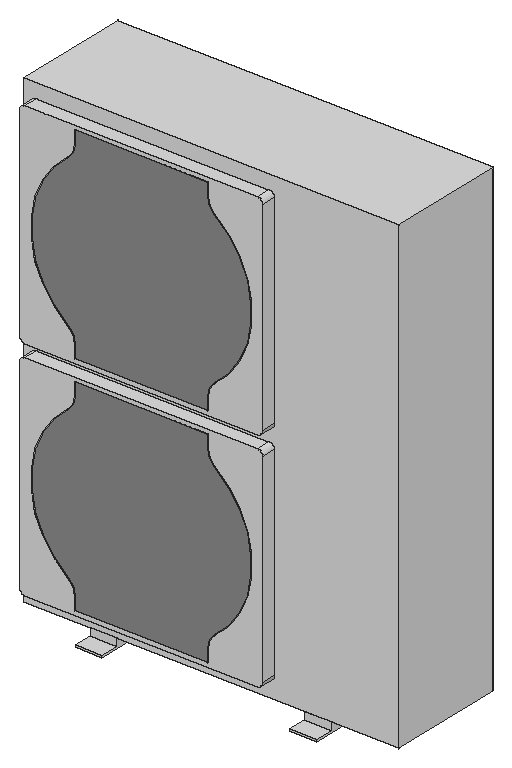
Revit family "BAXI_PLATINUM BC_SPLIT_iMax_22_(UE)", category Equipos mecánicos, Revit 2019
Family settings
  Cota de conector redondo = Diámetro de uso
  Tipo de pieza = Normal
  Número OmniClass = 23.75.10.21
  Título OmniClass = Heat Pumps
  Se basa en plano de trabajo = No
  Siempre vertical = Sí
  Corte con vacíos al cargar = No
  Compartido = No
  Punto de cálculo de habitación = No
Parameters
  Tipo refrigerante = "R410A"
  Tipo compresor = "Inverter hermetic scroll"
  Tipo Ventilador = "Propeller Fan"
  Tipo Articulo = "PLATINUM BC iMAX 22 (UE)"
  Profundidad = 330.000 mm  # constant formula
  Potencia electrica absorbida (kW) = 5.48
  Potencia calorifica (kW) = 21.7
  Potencia acústica dB(A) = 77
  Peso (kg) = 135
  Intensidad máxima (A) = 19
  Descrpición Articulo = "PLATINUM BC iMAX 22 (UE)"  # constant formula
  Caudal de agua (m3/h) = 3.8
  Caudal de Aire (m3/min) = 140
  Cantidad ventilador = 2
  Cantidad compresores = 1
  Blanco = Color RGB 216-216-216
  Voltage = 400 V
  URL PRODUCT = "https://www.baxi.es/productos/bombas-calor/bibloc/platinum-bc-imax"
  Distancia superior Valor [instance] = if(Distancia superior > 300.000 mm, Distancia superior, 300.000 mm)  # 300.000 mm
  Distancia superior [instance] = 300.000 mm
  Espacio mantenimiento [instance] = no
  Distancia lateral Der. Valor [instance] = if(Distancia lateral Der. > 50.000 mm, Distancia lateral Der., 50.000 mm)  # 500.000 mm
  Distancia lateral Der. [instance] = 500.000 mm
  Revit Version = "2016"  # constant formula
  Diametro líquido refrigerante = 12.700 mm
  Diametro gas refrigerante = 19.000 mm
  Rojo = Color RGB 255-000-000
  Modelo = "PLATINUM BC iMAX 22 (UE)"
  URL = "https://www.baxi.es"
  Phase = 3
  Fabricante = "BAXI"  # constant formula
  Distancia lateral Izq. Valor [instance] = if(Distancia lateral Izq. > 1500.000 mm, Distancia lateral Izq., 1500.000 mm)  # 1500.000 mm
  Distancia lateral Izq. [instance] = 1500.000 mm
  IFCExportType = "NOTDEFINED"  # constant formula
  IFCExportAs = "IfcPumpType"  # constant formula
  Hz = 50 Hz
  Heating COP (kW/kW) = 3.96
  Gris = Color RGB 100-100-100
  Distancia delantera Valor [instance] = if(Distancia delantera > 500.000 mm, Distancia delantera, 500.000 mm)  # 1000.000 mm
  Distancia delantera [instance] = 1000.000 mm
  Drenaje = 32.000 mm
  Descripción = "Platinum BC iMax"  # constant formula
  Gris Oscuro = Color RGB 110-110-110
  Código de montaje = "7665104"
  Distancia trasera Valor [instance] = if(Distancia trasera > 150.000 mm, Distancia trasera, 150.000 mm)  # 150.000 mm
  Distancia trasera [instance] = 150.000 mm
  Anchura = 1050.000 mm  # constant formula
  Altura = 1338.000 mm  # constant formula
Reference planes
  plane 1 "Center (Front/Back)": y = 0
  plane 2: z = 0
  plane 3 "Center (Left/Right)": x = 0
  plane 4: y = 165
  plane 5: y = -125
  plane 6: y = -165
  plane 7: y = -109
  plane 8: y = 315
  plane 9: y = 150
  plane 10: y = 122
  plane 11: z = 442
  plane 12: z = 450
  plane 13: y = 54
  plane 14: y = 135
  plane 15: z = 369
  plane 16: z = 1001
  plane 17: z = 26
  plane 18: z = 23
  plane 19: z = 1338
  plane 20: z = 1326
  plane 21: x = -525
  plane 22: x = 525
  plane 23: x = -163
  plane 24: x = 483
  plane 25: x = 422
  plane 26: y = -205
  plane 27: z = 15
  plane 28: z = 229.027
  plane 29: y = 25
  plane 30: z = 985
  plane 31: z = 985
Forms (mm)
  Extrusion 1, solid, not visible
    sketch origin (0, 0, 0) x (1, 0, 0) y (0, 1, 0)
      loop
        line (-475, 165) -> (-475, -165) -> (575, -165) -> (575, 165) -> (-475, 165)
    from 26 to 1338
  Extrusion 2, void, not visible
    sketch origin (-475, 165, 0) x (-1, 0, 0) y (0, 0, -1)
      loop
        line (-750, -45) -> (-750, -1300) -> (-62, -1300) -> (-62, -45) -> (-750, -45)
    from 0 to 20
  Extrusion 3, solid, material "Copper", not visible
    sketch origin (100, -3.964, 0) x (1, 0, 0) y (0, 1, 0)
      loop
        circle (377, -128) r 4.76
    from 510 to 550
  Extrusion 4, solid, material "Copper", not visible
    sketch origin (100, 0, 0) x (1, 0, 0) y (0, 1, 0)
      loop
        circle (433, -109) r 7.94
    from 426 to 603
  Extrusion 5, solid, not visible
    sketch origin (445.487, -165, 0) x (-1, 0, 0) y (0, 0, -1)
      loop
        line (858.487, -1301) -> (858.487, -701) -> (258.487, -701) -> (258.487, -1301) -> (858.487, -1301)
      loop
        line (858.487, -669) -> (858.487, -69) -> (258.487, -69) -> (258.487, -669) -> (858.487, -669)
    from 0 to 25
  Extrusion 6, solid, not visible
    sketch origin (445.487, -165, -153) x (-1, 0, 0) y (0, 0, -1)
      loop
        line (129.587, -1062) -> (-20.413, -1062) -> (-20.413, -1112.667) -> (129.587, -1112.667) -> (129.587, -1062)
    from -50 to -45
  Extrusion 7, void, not visible
    sketch origin (445.487, -165, 0) x (-1, 0, 0) y (0, 0, -1)
      loop
        line (-129.513, -576) -> (-129.513, -601) -> (-84.013, -601)
        arc (-84.013, -601) -> (-82.598, -600.414) -> (-82.013, -599) r 2
        line (-82.013, -599) -> (-82.013, -578)
        arc (-82.013, -578) -> (-82.598, -576.586) -> (-84.013, -576) r 2
        line (-84.013, -576) -> (-129.513, -576)
    from -15 to 0
  Extrusion 8, void, not visible
    sketch origin (575, 0, 0) x (0, 1, 0) y (0, 0, 1)
      loop
        line (-165, 601) -> (-165, 576) -> (-119.5, 576)
        arc (-119.5, 576) -> (-118.086, 576.586) -> (-117.5, 578) r 2
        line (-117.5, 578) -> (-117.5, 599)
        arc (-117.5, 599) -> (-118.086, 600.414) -> (-119.5, 601) r 2
        line (-119.5, 601) -> (-165, 601)
    from -15 to 0
  Extrusion 9, void, not visible
    sketch origin (575, 0, 0) x (0, 1, 0) y (0, 0, 1)
      loop
        line (165, 601) -> (119.5, 601)
        arc (119.5, 601) -> (118.086, 600.414) -> (117.5, 599) r 2
        line (117.5, 599) -> (117.5, 578)
        arc (117.5, 578) -> (118.086, 576.586) -> (119.5, 576) r 2
        line (119.5, 576) -> (165, 576) -> (165, 601)
    from -15 to 0
  Extrusion 10, void, not visible
    sketch origin (0, 165, 0) x (1, 0, 0) y (0, 0, 1)
      loop
        line (575, 601) -> (529.5, 601)
        arc (529.5, 601) -> (528.086, 600.414) -> (527.5, 599) r 2
        line (527.5, 599) -> (527.5, 578)
        arc (527.5, 578) -> (528.086, 576.586) -> (529.5, 576) r 2
        line (529.5, 576) -> (575, 576) -> (575, 601)
    from 15 to 0
  Extrusion 11, void, not visible
    sketch origin (0, 165, 0) x (1, 0, 0) y (0, 0, 1)
      loop
        line (-475, 601) -> (-475, 576) -> (-425.58, 576)
        arc (-425.58, 576) -> (-424.166, 576.586) -> (-423.58, 578) r 2
        line (-423.58, 578) -> (-423.58, 599)
        arc (-423.58, 599) -> (-424.166, 600.414) -> (-425.58, 601) r 2
        line (-425.58, 601) -> (-475, 601)
    from 15 to 0
  Extrusion 12, void, not visible
    sketch origin (-475, 0, 0) x (0, 1, 0) y (0, 0, 1)
      loop
        line (165, 601) -> (119.5, 601)
        arc (119.5, 601) -> (118.086, 600.414) -> (117.5, 599) r 2
        line (117.5, 599) -> (117.5, 578)
        arc (117.5, 578) -> (118.086, 576.586) -> (119.5, 576) r 2
        line (119.5, 576) -> (165, 576) -> (165, 601)
    from 15 to 0
  Extrusion 13, void, not visible
    sketch origin (-475, 0, 0) x (0, 1, 0) y (0, 0, 1)
      loop
        line (-119.5, 601) -> (-165, 601) -> (-165, 576) -> (-119.5, 576)
        arc (-119.5, 576) -> (-118.086, 576.586) -> (-117.5, 578) r 2
        line (-117.5, 578) -> (-117.5, 599)
        arc (-117.5, 599) -> (-118.086, 600.414) -> (-119.5, 601) r 2
    from 15 to 0
  Extrusion 14, void, not visible
    sketch origin (445.487, -165, 0) x (-1, 0, 0) y (0, 0, -1)
      loop
        line (920.487, -601) -> (920.487, -576) -> (874.987, -576)
        arc (874.987, -576) -> (873.573, -576.586) -> (872.987, -578) r 2
        line (872.987, -578) -> (872.987, -599)
        arc (872.987, -599) -> (873.573, -600.414) -> (874.987, -601) r 2
        line (874.987, -601) -> (920.487, -601)
    from -15 to 0
  Extrusion 15, solid, not visible
    sketch origin (-475, 0, 0) x (0, 1, 0) y (0, 0, 1)
      loop
        circle (165, 1287.697) r 2
      loop
        circle (165, 1046.697) r 2
      loop
        circle (165, 795.697) r 2
      loop
        circle (165, 544.697) r 2
      loop
        circle (165, 293.697) r 2
      loop
        circle (165, 52.697) r 2
    from 62 to 750
  Extrusion 16, solid, not visible
    sketch origin (0, 0, 1338) x (1, 0, 0) y (0, 1, 0)
      loop
        circle (-404.962, 165) r 2
      loop
        circle (-185, 165) r 2
      loop
        circle (45, 165) r 2
      loop
        circle (267.5, 165) r 2
    from -1293 to -38
  Extrusion 17, solid, material "Color RGB 216-216-216" <- "Blanco", detail levels fine
    sketch origin (13.851, 0, 0) x (1, 0, 0) y (0, 1, 0)
      loop
        arc (-538.351, 165) -> (-538.705, 164.854) -> (-538.851, 164.5) r 0.5
        line (-538.851, 164.5) -> (-538.851, -164.5)
        arc (-538.851, -164.5) -> (-538.705, -164.854) -> (-538.351, -165) r 0.5
        line (-538.351, -165) -> (510.649, -165)
        arc (510.649, -165) -> (511.003, -164.854) -> (511.149, -164.5) r 0.5
        line (511.149, -164.5) -> (511.149, 164.5)
        arc (511.149, 164.5) -> (511.003, 164.854) -> (510.649, 165) r 0.5
        line (510.649, 165) -> (-538.351, 165)
    from 26 to 1338
  Extrusion 18, solid, material "Color RGB 216-216-216" <- "Blanco", not visible
    sketch origin (113.851, -3.964, 0) x (1, 0, 0) y (0, 1, 0)
      loop
        circle (369.149, -105.036) r 7.95
    from 442 to 550
  Extrusion 19, solid, material "Color RGB 216-216-216" <- "Blanco", not visible
    sketch origin (113.851, 0, 0) x (1, 0, 0) y (0, 1, 0)
      loop
        circle (308.149, -125) r 4.765
    from 450 to 603
  Extrusion 20, solid, not visible, detail levels fine
    sketch origin (376.099, -165, -153) x (-1, 0, 0) y (0, 0, -1)
      loop
        line (106.099, -1111.666) -> (-43.901, -1111.666) -> (-43.901, -1164.334) -> (106.099, -1164.334) -> (106.099, -1111.666)
    from -11.596 to 0
  Extrusion 21, solid, detail levels coarse+medium
    sketch origin (13.851, 0, 0) x (1, 0, 0) y (0, 1, 0)
      loop
        arc (-538.351, 165) -> (-538.705, 164.854) -> (-538.851, 164.5) r 0.5
        line (-538.851, 164.5) -> (-538.851, -164.5)
        arc (-538.851, -164.5) -> (-538.705, -164.854) -> (-538.351, -165) r 0.5
        line (-538.351, -165) -> (510.649, -165)
        arc (510.649, -165) -> (511.003, -164.854) -> (511.149, -164.5) r 0.5
        line (511.149, -164.5) -> (511.149, 164.5)
        arc (511.149, 164.5) -> (511.003, 164.854) -> (510.649, 165) r 0.5
        line (510.649, 165) -> (-538.351, 165)
    from 26 to 1338
  Extrusion 22, solid, detail levels coarse+medium
    sketch origin (485.851, -165, 0) x (-1, 0, 0) y (0, 0, -1)
      loop
        line (988.851, -667) -> (988.851, -71) -> (308.851, -71) -> (308.851, -667) -> (988.851, -667)
      loop
        line (988.851, -1299) -> (988.851, -703) -> (308.851, -703) -> (308.851, -1299) -> (988.851, -1299)
    from 0 to 40
  Extrusion 23, solid, material "Color RGB 216-216-216" <- "Blanco", detail levels fine
    sketch origin (369.339, -165, 0) x (-1, 0, 0) y (0, 0, -1)
      loop
        arc (872.339, -86) -> (867.945, -75.393) -> (857.339, -71) r 15
        line (857.339, -71) -> (207.339, -71)
        arc (207.339, -71) -> (196.732, -75.393) -> (192.339, -86) r 15
        line (192.339, -86) -> (192.339, -652)
        arc (192.339, -652) -> (196.732, -662.607) -> (207.339, -667) r 15
        line (207.339, -667) -> (857.339, -667)
        arc (857.339, -667) -> (867.945, -662.607) -> (872.339, -652) r 15
        line (872.339, -652) -> (872.339, -86)
      loop
        arc (738.557, -158.229) -> (724.399, -140.747) -> (719.339, -118.827) r 50
        line (719.339, -118.827) -> (719.339, -81) -> (345.339, -81) -> (345.339, -118.827)
        arc (345.339, -118.827) -> (340.278, -140.747) -> (326.12, -158.229) r 50
        arc (326.12, -158.229) -> (223.314, -369) -> (326.12, -579.771) r 267.462
        arc (326.12, -579.771) -> (340.278, -597.253) -> (345.339, -619.173) r 50
        line (345.339, -619.173) -> (345.339, -657) -> (719.339, -657) -> (719.339, -619.173)
        arc (719.339, -619.173) -> (724.399, -597.253) -> (738.557, -579.771) r 50
        arc (738.557, -579.771) -> (841.363, -369) -> (738.557, -158.229) r 267.462
      loop
        arc (872.339, -718) -> (867.945, -707.393) -> (857.339, -703) r 15
        line (857.339, -703) -> (207.339, -703)
        arc (207.339, -703) -> (196.732, -707.393) -> (192.339, -718) r 15
        line (192.339, -718) -> (192.339, -1284)
        arc (192.339, -1284) -> (196.732, -1294.607) -> (207.339, -1299) r 15
        line (207.339, -1299) -> (857.339, -1299)
        arc (857.339, -1299) -> (867.945, -1294.607) -> (872.339, -1284) r 15
        line (872.339, -1284) -> (872.339, -718)
      loop
        arc (738.557, -790.229) -> (724.399, -772.747) -> (719.339, -750.827) r 50
        line (719.339, -750.827) -> (719.339, -713) -> (345.339, -713) -> (345.339, -750.827)
        arc (345.339, -750.827) -> (340.278, -772.747) -> (326.12, -790.229) r 50
        arc (326.12, -790.229) -> (223.314, -1001) -> (326.12, -1211.771) r 267.462
        arc (326.12, -1211.771) -> (340.278, -1229.253) -> (345.339, -1251.173) r 50
        line (345.339, -1251.173) -> (345.339, -1289) -> (719.339, -1289) -> (719.339, -1251.173)
        arc (719.339, -1251.173) -> (724.399, -1229.253) -> (738.557, -1211.771) r 50
        arc (738.557, -1211.771) -> (841.363, -1001) -> (738.557, -790.229) r 267.462
    from 0 to 40
  Extrusion 24, solid, material "Color RGB 100-100-100" <- "Gris", detail levels fine
    sketch origin (0, 0, 0) x (1, 0, 0) y (0, 0, 1)
      loop
        arc (-440.712, 1264.158) -> (-440.126, 1262.743) -> (-438.712, 1262.158) r 2
        line (-438.712, 1262.158) -> (-352.712, 1262.158)
        arc (-352.712, 1262.158) -> (-351.298, 1262.743) -> (-350.712, 1264.158) r 2
        line (-350.712, 1264.158) -> (-350.712, 1285) -> (-350.712, 1290.158)
        arc (-350.712, 1290.158) -> (-351.298, 1291.572) -> (-352.712, 1292.158) r 2
        line (-352.712, 1292.158) -> (-438.712, 1292.158)
        arc (-438.712, 1292.158) -> (-440.126, 1291.572) -> (-440.712, 1290.158) r 2
        line (-440.712, 1290.158) -> (-440.712, 1285) -> (-440.712, 1264.158)
      loop
        arc (-352.712, 630.158) -> (-351.298, 630.743) -> (-350.712, 632.158) r 2
        line (-350.712, 632.158) -> (-350.712, 653) -> (-350.712, 658.158)
        arc (-350.712, 658.158) -> (-351.298, 659.572) -> (-352.712, 660.158) r 2
        line (-352.712, 660.158) -> (-438.712, 660.158)
        arc (-438.712, 660.158) -> (-440.126, 659.572) -> (-440.712, 658.158) r 2
        line (-440.712, 658.158) -> (-440.712, 653) -> (-440.712, 632.158)
        arc (-440.712, 632.158) -> (-440.126, 630.743) -> (-438.712, 630.158) r 2
        line (-438.712, 630.158) -> (-352.712, 630.158)
    from 165 to 180
  Extrusion 25, solid, material "Color RGB 216-216-216" <- "Blanco", not visible, detail levels fine
    sketch origin (0, 0, 8) x (1, 0, 0) y (0, 1, 0)
      loop
        circle (-480, -11) r 16.5
    from 18 to 7
  Extrusion 26, solid, material "Color RGB 100-100-100" <- "Gris", detail levels fine
    sketch origin (-463, -195, 1200) x (1, 0, 0) y (0, 0, 1)
      loop
        line (487, -487) -> (487, -449.173)
        arc (487, -449.173) -> (492.061, -427.253) -> (506.219, -409.771) r 50
        arc (506.219, -409.771) -> (609.024, -199) -> (506.219, 11.771) r 267.462
        arc (506.219, 11.771) -> (492.061, 29.253) -> (487, 51.173) r 50
        line (487, 51.173) -> (487, 89) -> (113, 89) -> (113, 51.173)
        arc (113, 51.173) -> (107.939, 29.253) -> (93.781, 11.771) r 50
        arc (93.781, 11.771) -> (-9.024, -199) -> (93.781, -409.771) r 267.462
        arc (93.781, -409.771) -> (107.939, -427.253) -> (113, -449.173) r 50
        line (113, -449.173) -> (113, -487) -> (487, -487)
      loop
        arc (93.781, -1041.771) -> (107.939, -1059.253) -> (113, -1081.173) r 50
        line (113, -1081.173) -> (113, -1119) -> (487, -1119) -> (487, -1081.173)
        arc (487, -1081.173) -> (492.061, -1059.253) -> (506.219, -1041.771) r 50
        arc (506.219, -1041.771) -> (609.024, -831) -> (506.219, -620.229) r 267.462
        arc (506.219, -620.229) -> (492.061, -602.747) -> (487, -580.827) r 50
        line (487, -580.827) -> (487, -543) -> (113, -543) -> (113, -580.827)
        arc (113, -580.827) -> (107.939, -602.747) -> (93.781, -620.229) r 50
        arc (93.781, -620.229) -> (-9.024, -831) -> (93.781, -1041.771) r 267.462
    from -30 to 10
Cuts and joins
  joined: Extrusion 24, Extrusion 26
Lines and regions (mm)
  model lines, style "Equipment", detail levels fine
    curve 1: line (-525, -165, 1326) -> (525, -165, 1326)
    curve 410: line (256, 165, 1292) -> (-467, 165, 1292)
    curve 411: line (192, -165, 1326) -> (192, -165, 26)
    curve 412: line (-467, 165, 54) -> (274, 165, 54)
    curve 413: line (274, 165, 26) -> (274, 165, 1338)
    curve 414: line (256, 165, 1087) -> (-405, 165, 1087)
    curve 415: line (256, 165, 62) -> (-405, 165, 62)
    curve 416: line (256, 165, 54) -> (256, 165, 1338)
    curve 417: line (-204, 165, 1292) -> (-204, 165, 62)
    curve 418: line (192, -165, 201) -> (525, -165, 201)
    curve 419: line (192, -165, 181) -> (525, -165, 181)
    curve 420: line (294, 165, 181) -> (525, 165, 181)
    curve 421: line (294, 165, 201) -> (525, 165, 201)
    curve 422: line (525, 0, 1326) -> (525, 0, 26)
    curve 423: line (525, -165, 181) -> (525, 165, 181)
    curve 424: line (525, -165, 201) -> (525, 165, 201)
    curve 425: line (-405, 165, 54) -> (-405, 165, 1292)
    curve 426: line (0, 165, 1292) -> (0, 165, 62)
    curve 427: line (256, 165, 882) -> (-405, 165, 882)
    curve 428: line (274, 165, 680) -> (-467, 165, 680)
    curve 429: line (256, 165, 475) -> (-405, 165, 475)
    curve 430: line (256, 165, 267) -> (-405, 165, 267)
    curve 431: line (525, 165, 1338) -> (-525, 165, 1338)
    curve 432: line (-525, -67.023, 1338) -> (-525, -67.023, 26)
    curve 433: line (-525, -55, 1312.063) -> (-525, -55, 1146.063)
    curve 434: line (-525, -25, 1146.063) -> (-525, -25, 1312.063)
    curve 435: line (-525, -48, 1139.063) -> (-525, -32, 1139.063)
    curve 436: arc (-525, -55, 1146.063) -> (-525, -52.95, 1141.113) -> (-525, -48, 1139.063) r 7
    curve 437: arc (-525, -32, 1139.063) -> (-525, -27.05, 1141.113) -> (-525, -25, 1146.063) r 7
    curve 438: line (-525, -15, 1312.063) -> (-525, -15, 1146.063)
    curve 439: line (-525, 15, 1146.063) -> (-525, 15, 1312.063)
    curve 440: line (-525, -8, 1139.063) -> (-525, 8, 1139.063)
    curve 441: arc (-525, -15, 1146.063) -> (-525, -12.95, 1141.113) -> (-525, -8, 1139.063) r 7
    curve 442: arc (-525, 8, 1139.063) -> (-525, 12.95, 1141.113) -> (-525, 15, 1146.063) r 7
    curve 443: line (-525, 25, 1312.063) -> (-525, 25, 1146.063)
    curve 444: line (-525, 55, 1146.063) -> (-525, 55, 1312.063)
    curve 445: line (-525, 32, 1139.063) -> (-525, 48, 1139.063)
    curve 446: arc (-525, 25, 1146.063) -> (-525, 27.05, 1141.113) -> (-525, 32, 1139.063) r 7
    curve 447: arc (-525, 48, 1139.063) -> (-525, 52.95, 1141.113) -> (-525, 55, 1146.063) r 7
    curve 448: line (-525, 65, 1312.063) -> (-525, 65, 1146.063)
    curve 449: line (-525, 95, 1146.063) -> (-525, 95, 1312.063)
    curve 450: line (-525, 72, 1139.063) -> (-525, 88, 1139.063)
    curve 451: arc (-525, 65, 1146.063) -> (-525, 67.05, 1141.113) -> (-525, 72, 1139.063) r 7
    curve 452: arc (-525, 88, 1139.063) -> (-525, 92.95, 1141.113) -> (-525, 95, 1146.063) r 7
    curve 453: line (-525, -32, 1129.063) -> (-525, -48, 1129.063)
    curve 454: line (-525, -55, 1122.063) -> (-525, -55, 946.063)
    curve 455: line (-525, -25, 946.063) -> (-525, -25, 1122.063)
    curve 456: line (-525, -48, 939.063) -> (-525, -32, 939.063)
    curve 457: arc (-525, -48, 1129.063) -> (-525, -52.95, 1127.012) -> (-525, -55, 1122.063) r 7
    curve 458: arc (-525, -25, 1122.063) -> (-525, -27.05, 1127.012) -> (-525, -32, 1129.063) r 7
    curve 459: arc (-525, -55, 946.063) -> (-525, -52.95, 941.113) -> (-525, -48, 939.063) r 7
    curve 460: arc (-525, -32, 939.063) -> (-525, -27.05, 941.113) -> (-525, -25, 946.063) r 7
    curve 461: line (-525, 8, 1129.063) -> (-525, -8, 1129.063)
    curve 462: line (-525, -15, 1122.063) -> (-525, -15, 946.063)
    curve 463: line (-525, 15, 946.063) -> (-525, 15, 1122.063)
    curve 464: line (-525, -8, 939.063) -> (-525, 8, 939.063)
    curve 465: arc (-525, -8, 1129.063) -> (-525, -12.95, 1127.012) -> (-525, -15, 1122.063) r 7
    curve 466: arc (-525, 15, 1122.063) -> (-525, 12.95, 1127.012) -> (-525, 8, 1129.063) r 7
    curve 467: arc (-525, -15, 946.063) -> (-525, -12.95, 941.113) -> (-525, -8, 939.063) r 7
    curve 468: arc (-525, 8, 939.063) -> (-525, 12.95, 941.113) -> (-525, 15, 946.063) r 7
    curve 469: line (-525, 48, 1129.063) -> (-525, 32, 1129.063)
    curve 470: line (-525, 25, 1122.063) -> (-525, 25, 946.063)
    curve 471: line (-525, 55, 946.063) -> (-525, 55, 1122.063)
    curve 472: line (-525, 32, 939.063) -> (-525, 48, 939.063)
    curve 473: arc (-525, 32, 1129.063) -> (-525, 27.05, 1127.012) -> (-525, 25, 1122.063) r 7
    curve 474: arc (-525, 55, 1122.063) -> (-525, 52.95, 1127.012) -> (-525, 48, 1129.063) r 7
    curve 475: arc (-525, 25, 946.063) -> (-525, 27.05, 941.113) -> (-525, 32, 939.063) r 7
    curve 476: arc (-525, 48, 939.063) -> (-525, 52.95, 941.113) -> (-525, 55, 946.063) r 7
    curve 477: line (-525, 88, 1129.063) -> (-525, 72, 1129.063)
    curve 478: line (-525, 65, 1122.063) -> (-525, 65, 946.063)
    curve 479: line (-525, 95, 946.063) -> (-525, 95, 1122.063)
    curve 480: line (-525, 72, 939.063) -> (-525, 88, 939.063)
    curve 481: arc (-525, 72, 1129.063) -> (-525, 67.05, 1127.012) -> (-525, 65, 1122.063) r 7
    curve 482: arc (-525, 95, 1122.063) -> (-525, 92.95, 1127.012) -> (-525, 88, 1129.063) r 7
    curve 483: arc (-525, 65, 946.063) -> (-525, 67.05, 941.113) -> (-525, 72, 939.063) r 7
    curve 484: arc (-525, 88, 939.063) -> (-525, 92.95, 941.113) -> (-525, 95, 946.063) r 7
    curve 485: line (-525, -32, 929.063) -> (-525, -48, 929.063)
    curve 486: line (-525, -55, 922.063) -> (-525, -55, 749.063)
    curve 487: line (-525, -25, 749.063) -> (-525, -25, 922.063)
    curve 488: line (-525, -48, 742.063) -> (-525, -32, 742.063)
    curve 489: arc (-525, -48, 929.063) -> (-525, -52.95, 927.012) -> (-525, -55, 922.063) r 7
    curve 490: arc (-525, -25, 922.063) -> (-525, -27.05, 927.012) -> (-525, -32, 929.063) r 7
    curve 491: arc (-525, -55, 749.063) -> (-525, -52.95, 744.113) -> (-525, -48, 742.063) r 7
    curve 492: arc (-525, -32, 742.063) -> (-525, -27.05, 744.113) -> (-525, -25, 749.063) r 7
    curve 493: line (-525, 8, 929.063) -> (-525, -8, 929.063)
    curve 494: line (-525, -15, 922.063) -> (-525, -15, 749.063)
    curve 495: line (-525, 15, 749.063) -> (-525, 15, 922.063)
    curve 496: line (-525, -8, 742.063) -> (-525, 8, 742.063)
    curve 497: arc (-525, -8, 929.063) -> (-525, -12.95, 927.012) -> (-525, -15, 922.063) r 7
    curve 498: arc (-525, 15, 922.063) -> (-525, 12.95, 927.012) -> (-525, 8, 929.063) r 7
    curve 499: arc (-525, -15, 749.063) -> (-525, -12.95, 744.113) -> (-525, -8, 742.063) r 7
    curve 500: arc (-525, 8, 742.063) -> (-525, 12.95, 744.113) -> (-525, 15, 749.063) r 7
    curve 501: line (-525, 48, 929.063) -> (-525, 32, 929.063)
    curve 502: line (-525, 25, 922.063) -> (-525, 25, 749.063)
    curve 503: line (-525, 55, 749.063) -> (-525, 55, 922.063)
    curve 504: line (-525, 32, 742.063) -> (-525, 48, 742.063)
    curve 505: arc (-525, 32, 929.063) -> (-525, 27.05, 927.012) -> (-525, 25, 922.063) r 7
    curve 506: arc (-525, 55, 922.063) -> (-525, 52.95, 927.012) -> (-525, 48, 929.063) r 7
    curve 507: arc (-525, 25, 749.063) -> (-525, 27.05, 744.113) -> (-525, 32, 742.063) r 7
    curve 508: arc (-525, 48, 742.063) -> (-525, 52.95, 744.113) -> (-525, 55, 749.063) r 7
    curve 509: line (-525, 88, 929.063) -> (-525, 72, 929.063)
    curve 510: line (-525, 65, 922.063) -> (-525, 65, 749.063)
    curve 511: line (-525, 95, 749.063) -> (-525, 95, 922.063)
    curve 512: line (-525, 72, 742.063) -> (-525, 88, 742.063)
    curve 513: arc (-525, 72, 929.063) -> (-525, 67.05, 927.012) -> (-525, 65, 922.063) r 7
    curve 514: arc (-525, 95, 922.063) -> (-525, 92.95, 927.012) -> (-525, 88, 929.063) r 7
    curve 515: arc (-525, 65, 749.063) -> (-525, 67.05, 744.113) -> (-525, 72, 742.063) r 7
    curve 516: arc (-525, 88, 742.063) -> (-525, 92.95, 744.113) -> (-525, 95, 749.063) r 7
    curve 517: line (-525, -32, 732.063) -> (-525, -48, 732.063)
    curve 518: line (-525, -55, 725.063) -> (-525, -55, 549.063)
    curve 519: line (-525, -25, 549.063) -> (-525, -25, 725.063)
    curve 520: line (-525, -48, 542.063) -> (-525, -32, 542.063)
    curve 521: arc (-525, -48, 732.063) -> (-525, -52.95, 730.012) -> (-525, -55, 725.063) r 7
    curve 522: arc (-525, -25, 725.063) -> (-525, -27.05, 730.012) -> (-525, -32, 732.063) r 7
    curve 523: arc (-525, -55, 549.063) -> (-525, -52.95, 544.113) -> (-525, -48, 542.063) r 7
    curve 524: arc (-525, -32, 542.063) -> (-525, -27.05, 544.113) -> (-525, -25, 549.063) r 7
    curve 525: line (-525, 8, 732.063) -> (-525, -8, 732.063)
    curve 526: line (-525, -15, 725.063) -> (-525, -15, 549.063)
    curve 527: line (-525, 15, 549.063) -> (-525, 15, 725.063)
    curve 528: line (-525, -8, 542.063) -> (-525, 8, 542.063)
    curve 529: arc (-525, -8, 732.063) -> (-525, -12.95, 730.012) -> (-525, -15, 725.063) r 7
    curve 530: arc (-525, 15, 725.063) -> (-525, 12.95, 730.012) -> (-525, 8, 732.063) r 7
    curve 531: arc (-525, -15, 549.063) -> (-525, -12.95, 544.113) -> (-525, -8, 542.063) r 7
    curve 532: arc (-525, 8, 542.063) -> (-525, 12.95, 544.113) -> (-525, 15, 549.063) r 7
    curve 533: line (-525, 48, 732.063) -> (-525, 32, 732.063)
    curve 534: line (-525, 25, 725.063) -> (-525, 25, 549.063)
    curve 535: line (-525, 55, 549.063) -> (-525, 55, 725.063)
    curve 536: line (-525, 32, 542.063) -> (-525, 48, 542.063)
    curve 537: arc (-525, 32, 732.063) -> (-525, 27.05, 730.012) -> (-525, 25, 725.063) r 7
    curve 538: arc (-525, 55, 725.063) -> (-525, 52.95, 730.012) -> (-525, 48, 732.063) r 7
    curve 539: arc (-525, 25, 549.063) -> (-525, 27.05, 544.113) -> (-525, 32, 542.063) r 7
    curve 540: arc (-525, 48, 542.063) -> (-525, 52.95, 544.113) -> (-525, 55, 549.063) r 7
    curve 541: line (-525, -32, 532.063) -> (-525, -48, 532.063)
    curve 542: line (-525, -55, 525.063) -> (-525, -55, 346.063)
    curve 543: line (-525, -25, 346.063) -> (-525, -25, 525.063)
    curve 544: line (-525, -48, 339.063) -> (-525, -32, 339.063)
    curve 545: arc (-525, -48, 532.063) -> (-525, -52.95, 530.012) -> (-525, -55, 525.063) r 7
    curve 546: arc (-525, -25, 525.063) -> (-525, -27.05, 530.012) -> (-525, -32, 532.063) r 7
    curve 547: arc (-525, -55, 346.063) -> (-525, -52.95, 341.113) -> (-525, -48, 339.063) r 7
    curve 548: arc (-525, -32, 339.063) -> (-525, -27.05, 341.113) -> (-525, -25, 346.063) r 7
    curve 549: line (-525, 8, 532.063) -> (-525, -8, 532.063)
    curve 550: line (-525, -15, 525.063) -> (-525, -15, 346.063)
    curve 551: line (-525, 15, 346.063) -> (-525, 15, 525.063)
    curve 552: line (-525, -8, 339.063) -> (-525, 8, 339.063)
    curve 553: arc (-525, -8, 532.063) -> (-525, -12.95, 530.012) -> (-525, -15, 525.063) r 7
    curve 554: arc (-525, 15, 525.063) -> (-525, 12.95, 530.012) -> (-525, 8, 532.063) r 7
    curve 555: arc (-525, -15, 346.063) -> (-525, -12.95, 341.113) -> (-525, -8, 339.063) r 7
    curve 556: arc (-525, 8, 339.063) -> (-525, 12.95, 341.113) -> (-525, 15, 346.063) r 7
    curve 557: line (-525, 48, 532.063) -> (-525, 32, 532.063)
    curve 558: line (-525, 25, 525.063) -> (-525, 25, 346.063)
    curve 559: line (-525, 55, 346.063) -> (-525, 55, 525.063)
    curve 560: line (-525, 32, 339.063) -> (-525, 48, 339.063)
    curve 561: arc (-525, 32, 532.063) -> (-525, 27.05, 530.012) -> (-525, 25, 525.063) r 7
    curve 562: arc (-525, 55, 525.063) -> (-525, 52.95, 530.012) -> (-525, 48, 532.063) r 7
    curve 563: arc (-525, 25, 346.063) -> (-525, 27.05, 341.113) -> (-525, 32, 339.063) r 7
    curve 564: arc (-525, 48, 339.063) -> (-525, 52.95, 341.113) -> (-525, 55, 346.063) r 7
    curve 565: line (-525, 88, 532.063) -> (-525, 72, 532.063)
    curve 566: line (-525, 65, 525.063) -> (-525, 65, 346.063)
    curve 567: line (-525, 95, 346.063) -> (-525, 95, 525.063)
    curve 568: line (-525, 72, 339.063) -> (-525, 88, 339.063)
    curve 569: arc (-525, 72, 532.063) -> (-525, 67.05, 530.012) -> (-525, 65, 525.063) r 7
    curve 570: arc (-525, 95, 525.063) -> (-525, 92.95, 530.012) -> (-525, 88, 532.063) r 7
    curve 571: arc (-525, 65, 346.063) -> (-525, 67.05, 341.113) -> (-525, 72, 339.063) r 7
    curve 572: arc (-525, 88, 339.063) -> (-525, 92.95, 341.113) -> (-525, 95, 346.063) r 7
    curve 573: line (-525, -32, 329.063) -> (-525, -48, 329.063)
    curve 574: line (-525, -55, 322.063) -> (-525, -55, 146.063)
    curve 575: line (-525, -25, 146.063) -> (-525, -25, 322.063)
    curve 576: line (-525, -48, 139.063) -> (-525, -32, 139.063)
    curve 577: arc (-525, -48, 329.063) -> (-525, -52.95, 327.012) -> (-525, -55, 322.063) r 7
    curve 578: arc (-525, -25, 322.063) -> (-525, -27.05, 327.012) -> (-525, -32, 329.063) r 7
    curve 579: arc (-525, -55, 146.063) -> (-525, -52.95, 141.113) -> (-525, -48, 139.063) r 7
    curve 580: arc (-525, -32, 139.063) -> (-525, -27.05, 141.113) -> (-525, -25, 146.063) r 7
    curve 581: line (-525, 8, 329.063) -> (-525, -8, 329.063)
    curve 582: line (-525, -15, 322.063) -> (-525, -15, 146.063)
    curve 583: line (-525, 15, 146.063) -> (-525, 15, 322.063)
    curve 584: line (-525, -8, 139.063) -> (-525, 8, 139.063)
    curve 585: arc (-525, -8, 329.063) -> (-525, -12.95, 327.012) -> (-525, -15, 322.063) r 7
    curve 586: arc (-525, 15, 322.063) -> (-525, 12.95, 327.012) -> (-525, 8, 329.063) r 7
    curve 587: arc (-525, -15, 146.063) -> (-525, -12.95, 141.113) -> (-525, -8, 139.063) r 7
    curve 588: arc (-525, 8, 139.063) -> (-525, 12.95, 141.113) -> (-525, 15, 146.063) r 7
    curve 589: line (-525, 48, 329.063) -> (-525, 32, 329.063)
    curve 590: line (-525, 25, 322.063) -> (-525, 25, 146.063)
    curve 591: line (-525, 55, 146.063) -> (-525, 55, 322.063)
    curve 592: line (-525, 32, 139.063) -> (-525, 48, 139.063)
    curve 593: arc (-525, 32, 329.063) -> (-525, 27.05, 327.012) -> (-525, 25, 322.063) r 7
    curve 594: arc (-525, 55, 322.063) -> (-525, 52.95, 327.012) -> (-525, 48, 329.063) r 7
    curve 595: arc (-525, 25, 146.063) -> (-525, 27.05, 141.113) -> (-525, 32, 139.063) r 7
    curve 596: arc (-525, 48, 139.063) -> (-525, 52.95, 141.113) -> (-525, 55, 146.063) r 7
    curve 597: line (-525, 88, 329.063) -> (-525, 72, 329.063)
    curve 598: line (-525, 65, 322.063) -> (-525, 65, 146.063)
    curve 599: line (-525, 95, 146.063) -> (-525, 95, 322.063)
    curve 600: line (-525, 72, 139.063) -> (-525, 88, 139.063)
    curve 601: arc (-525, 72, 329.063) -> (-525, 67.05, 327.012) -> (-525, 65, 322.063) r 7
    curve 602: arc (-525, 95, 322.063) -> (-525, 92.95, 327.012) -> (-525, 88, 329.063) r 7
    curve 603: arc (-525, 65, 146.063) -> (-525, 67.05, 141.113) -> (-525, 72, 139.063) r 7
    curve 604: arc (-525, 88, 139.063) -> (-525, 92.95, 141.113) -> (-525, 95, 146.063) r 7
    curve 605: line (-525, -32, 1319.063) -> (-525, -48, 1319.063)
    curve 606: arc (-525, -48, 1319.063) -> (-525, -52.95, 1317.012) -> (-525, -55, 1312.063) r 7
    curve 607: arc (-525, -25, 1312.063) -> (-525, -27.05, 1317.012) -> (-525, -32, 1319.063) r 7
    curve 608: line (-525, 8, 1319.063) -> (-525, -8, 1319.063)
    curve 609: arc (-525, -8, 1319.063) -> (-525, -12.95, 1317.012) -> (-525, -15, 1312.063) r 7
    curve 610: arc (-525, 15, 1312.063) -> (-525, 12.95, 1317.012) -> (-525, 8, 1319.063) r 7
    curve 611: line (-525, 48, 1319.063) -> (-525, 32, 1319.063)
    curve 612: arc (-525, 32, 1319.063) -> (-525, 27.05, 1317.012) -> (-525, 25, 1312.063) r 7
    curve 613: arc (-525, 55, 1312.063) -> (-525, 52.95, 1317.012) -> (-525, 48, 1319.063) r 7
    curve 614: line (-525, 88, 1319.063) -> (-525, 72, 1319.063)
    curve 615: arc (-525, 72, 1319.063) -> (-525, 67.05, 1317.012) -> (-525, 65, 1312.063) r 7
    curve 616: arc (-525, 95, 1312.063) -> (-525, 92.95, 1317.012) -> (-525, 88, 1319.063) r 7
    curve 617: line (-525, -165, 1338) -> (-525, 165, 1338)
    curve 618: line (-467, 165, 1326) -> (-467, 165, 26)
    curve 619: line (525, -165, 1326) -> (525, 165, 1326)
    curve 620: line (-525, 165, 620.128) -> (-475, 165, 620.128)
    curve 621: line (-475, 165, 620.128) -> (-475, 165, 670.158)
    curve 622: line (-475, 165, 670.158) -> (-525, 165, 670.158)
    curve 623: line (-525, 115, 620.128) -> (-525, 165, 620.128)
    curve 624: line (-525, 165, 670.158) -> (-525, 115, 670.158)
    curve 625: line (-525, 115, 670.158) -> (-525, 115, 620.128)
    curve 626: line (525, -165, 1338) -> (525, 165, 1338)
    curve 627: line (525, -165, 1338) -> (-525, -165, 1338)
    curve 628: line (-525, -165, 1326) -> (-525, 165, 1326)
    curve 629: line (525, 165, 620.128) -> (475, 165, 620.128)
    curve 630: line (475, 165, 620.128) -> (475, 165, 670.158)
    curve 631: line (475, 165, 670.158) -> (525, 165, 670.158)
    curve 632: line (525, 115, 620.128) -> (525, 165, 620.128)
    curve 633: line (525, 165, 670.158) -> (525, 115, 670.158)
    curve 634: line (525, 115, 670.158) -> (525, 115, 620.128)
    curve 635: line (294, 165, 26) -> (294, 165, 1338)
    curve 636: line (525, -165, 620.128) -> (475, -165, 620.128)
    curve 637: line (475, -165, 620.128) -> (475, -165, 670.158)
    curve 638: line (475, -165, 670.158) -> (525, -165, 670.158)
    curve 639: line (525, -115, 620.128) -> (525, -165, 620.128)
    curve 640: line (525, -165, 670.158) -> (525, -115, 670.158)
    curve 641: line (525, -115, 670.158) -> (525, -115, 620.128)
    curve 642: line (525, 28, 229.027) -> (525, 87, 229.027)
    curve 643: line (525, 28, 239.027) -> (525, 87, 239.027)
    curve 644: line (525, 25, 236.027) -> (525, 25, 232.027)
    curve 645: line (525, 90, 236.027) -> (525, 90, 232.027)
    curve 646: arc (525, 25, 236.027) -> (525, 25.879, 238.148) -> (525, 28, 239.027) r 3
    curve 647: arc (525, 28, 229.027) -> (525, 25.879, 229.905) -> (525, 25, 232.027) r 3
    curve 648: arc (525, 87, 229.027) -> (525, 89.121, 229.905) -> (525, 90, 232.027) r 3
    curve 649: arc (525, 87, 239.027) -> (525, 89.121, 238.148) -> (525, 90, 236.027) r 3
    curve 650: line (525, 28, 244.027) -> (525, 87, 244.027)
    curve 651: line (525, 28, 254.027) -> (525, 87, 254.027)
    curve 652: line (525, 25, 251.027) -> (525, 25, 247.027)
    curve 653: line (525, 90, 251.027) -> (525, 90, 247.027)
    curve 654: arc (525, 25, 251.027) -> (525, 25.879, 253.148) -> (525, 28, 254.027) r 3
    curve 655: arc (525, 28, 244.027) -> (525, 25.879, 244.905) -> (525, 25, 247.027) r 3
    curve 656: arc (525, 87, 244.027) -> (525, 89.121, 244.905) -> (525, 90, 247.027) r 3
    curve 657: arc (525, 87, 254.027) -> (525, 89.121, 253.148) -> (525, 90, 251.027) r 3
    curve 658: line (525, 28, 259.027) -> (525, 87, 259.027)
    curve 659: line (525, 28, 269.027) -> (525, 87, 269.027)
    curve 660: line (525, 25, 266.027) -> (525, 25, 262.027)
    curve 661: line (525, 90, 266.027) -> (525, 90, 262.027)
    curve 662: arc (525, 25, 266.027) -> (525, 25.879, 268.148) -> (525, 28, 269.027) r 3
    curve 663: arc (525, 28, 259.027) -> (525, 25.879, 259.905) -> (525, 25, 262.027) r 3
    curve 664: arc (525, 87, 259.027) -> (525, 89.121, 259.905) -> (525, 90, 262.027) r 3
    curve 665: arc (525, 87, 269.027) -> (525, 89.121, 268.148) -> (525, 90, 266.027) r 3
    curve 666: line (525, 28, 274.027) -> (525, 87, 274.027)
    curve 667: line (525, 28, 284.027) -> (525, 87, 284.027)
    curve 668: line (525, 25, 281.027) -> (525, 25, 277.027)
    curve 669: line (525, 90, 281.027) -> (525, 90, 277.027)
    curve 670: arc (525, 25, 281.027) -> (525, 25.879, 283.148) -> (525, 28, 284.027) r 3
    curve 671: arc (525, 28, 274.027) -> (525, 25.879, 274.905) -> (525, 25, 277.027) r 3
    curve 672: arc (525, 87, 274.027) -> (525, 89.121, 274.905) -> (525, 90, 277.027) r 3
    curve 673: arc (525, 87, 284.027) -> (525, 89.121, 283.148) -> (525, 90, 281.027) r 3
    curve 674: line (525, 28, 289.027) -> (525, 87, 289.027)
    curve 675: line (525, 28, 299.027) -> (525, 87, 299.027)
    curve 676: line (525, 25, 296.027) -> (525, 25, 292.027)
    curve 677: line (525, 90, 296.027) -> (525, 90, 292.027)
    curve 678: arc (525, 25, 296.027) -> (525, 25.879, 298.148) -> (525, 28, 299.027) r 3
    curve 679: arc (525, 28, 289.027) -> (525, 25.879, 289.905) -> (525, 25, 292.027) r 3
    curve 680: arc (525, 87, 289.027) -> (525, 89.121, 289.905) -> (525, 90, 292.027) r 3
    curve 681: arc (525, 87, 299.027) -> (525, 89.121, 298.148) -> (525, 90, 296.027) r 3
    curve 682: line (525, 28, 304.027) -> (525, 87, 304.027)
    curve 683: line (525, 28, 314.027) -> (525, 87, 314.027)
    curve 684: line (525, 25, 311.027) -> (525, 25, 307.027)
    curve 685: line (525, 90, 311.027) -> (525, 90, 307.027)
    curve 686: arc (525, 25, 311.027) -> (525, 25.879, 313.148) -> (525, 28, 314.027) r 3
    curve 687: arc (525, 28, 304.027) -> (525, 25.879, 304.905) -> (525, 25, 307.027) r 3
    curve 688: arc (525, 87, 304.027) -> (525, 89.121, 304.905) -> (525, 90, 307.027) r 3
    curve 689: arc (525, 87, 314.027) -> (525, 89.121, 313.148) -> (525, 90, 311.027) r 3
    curve 690: line (525, 28, 319.027) -> (525, 87, 319.027)
    curve 691: line (525, 28, 329.027) -> (525, 87, 329.027)
    curve 692: line (525, 25, 326.027) -> (525, 25, 322.027)
    curve 693: line (525, 90, 326.027) -> (525, 90, 322.027)
    curve 694: arc (525, 25, 326.027) -> (525, 25.879, 328.148) -> (525, 28, 329.027) r 3
    curve 695: arc (525, 28, 319.027) -> (525, 25.879, 319.905) -> (525, 25, 322.027) r 3
    curve 696: arc (525, 87, 319.027) -> (525, 89.121, 319.905) -> (525, 90, 322.027) r 3
    curve 697: arc (525, 87, 329.027) -> (525, 89.121, 328.148) -> (525, 90, 326.027) r 3
    curve 698: line (525, 28, 334.027) -> (525, 87, 334.027)
    curve 699: line (525, 28, 344.027) -> (525, 87, 344.027)
    curve 700: line (525, 25, 341.027) -> (525, 25, 337.027)
    curve 701: line (525, 90, 341.027) -> (525, 90, 337.027)
    curve 702: arc (525, 25, 341.027) -> (525, 25.879, 343.148) -> (525, 28, 344.027) r 3
    curve 703: arc (525, 28, 334.027) -> (525, 25.879, 334.905) -> (525, 25, 337.027) r 3
    curve 704: arc (525, 87, 334.027) -> (525, 89.121, 334.905) -> (525, 90, 337.027) r 3
    curve 705: arc (525, 87, 344.027) -> (525, 89.121, 343.148) -> (525, 90, 341.027) r 3
    curve 706: line (525, 28, 349.027) -> (525, 87, 349.027)
    curve 707: line (525, 28, 359.027) -> (525, 87, 359.027)
    curve 708: line (525, 25, 356.027) -> (525, 25, 352.027)
    curve 709: line (525, 90, 356.027) -> (525, 90, 352.027)
    curve 710: arc (525, 25, 356.027) -> (525, 25.879, 358.148) -> (525, 28, 359.027) r 3
    curve 711: arc (525, 28, 349.027) -> (525, 25.879, 349.905) -> (525, 25, 352.027) r 3
    curve 712: arc (525, 87, 349.027) -> (525, 89.121, 349.905) -> (525, 90, 352.027) r 3
    curve 713: arc (525, 87, 359.027) -> (525, 89.121, 358.148) -> (525, 90, 356.027) r 3
    curve 714: line (525, 28, 364.027) -> (525, 87, 364.027)
    curve 715: line (525, 28, 374.027) -> (525, 87, 374.027)
    curve 716: line (525, 25, 371.027) -> (525, 25, 367.027)
    curve 717: line (525, 90, 371.027) -> (525, 90, 367.027)
    curve 718: arc (525, 25, 371.027) -> (525, 25.879, 373.148) -> (525, 28, 374.027) r 3
    curve 719: arc (525, 28, 364.027) -> (525, 25.879, 364.905) -> (525, 25, 367.027) r 3
    curve 720: arc (525, 87, 364.027) -> (525, 89.121, 364.905) -> (525, 90, 367.027) r 3
    curve 721: arc (525, 87, 374.027) -> (525, 89.121, 373.148) -> (525, 90, 371.027) r 3
    curve 722: line (-525, -115, 620.128) -> (-525, -165, 620.128)
    curve 723: line (-525, -165, 670.158) -> (-525, -115, 670.158)
    curve 724: line (-525, -115, 670.158) -> (-525, -115, 620.128)
    curve 725: line (-525, -165, 620.128) -> (-475, -165, 620.128)
    curve 726: line (-475, -165, 620.128) -> (-475, -165, 670.158)
    curve 727: line (-475, -165, 670.158) -> (-525, -165, 670.158)
    curve 728: line (525, 25, 449) -> (525, 25, 1295.158)
    curve 729: line (525, 90, 449) -> (525, 90, 1295.158)
    curve 730: line (525, 32, 1302.158) -> (525, 83, 1302.158)
    curve 731: line (525, 32, 442) -> (525, 83, 442)
    curve 732: arc (525, 32, 442) -> (525, 27.05, 444.05) -> (525, 25, 449) r 7
    curve 733: arc (525, 83, 442) -> (525, 87.95, 444.05) -> (525, 90, 449) r 7
    curve 734: arc (525, 83, 1302.158) -> (525, 87.95, 1300.107) -> (525, 90, 1295.158) r 7
    curve 735: arc (525, 32, 1302.158) -> (525, 27.05, 1300.107) -> (525, 25, 1295.158) r 7
    curve 736: line (525, -74.98, 236.027) -> (525, -74.98, 1295.122)
    curve 737: line (525, -44.98, 236.027) -> (525, -44.98, 1295.122)
    curve 738: line (525, -67.98, 1302.122) -> (525, -51.98, 1302.122)
    curve 739: line (525, -67.98, 229.027) -> (525, -51.98, 229.027)
    curve 740: arc (525, -67.98, 1302.122) -> (525, -72.929, 1300.071) -> (525, -74.98, 1295.122) r 7
    curve 741: arc (525, -51.98, 1302.122) -> (525, -47.03, 1300.071) -> (525, -44.98, 1295.122) r 7
    curve 742: arc (525, -67.98, 229.027) -> (525, -72.929, 231.077) -> (525, -74.98, 236.027) r 7
    curve 743: arc (525, -51.98, 229.027) -> (525, -47.03, 231.077) -> (525, -44.98, 236.027) r 7
    curve 744: line (395.336, 165, 264.959) -> (426.336, 165, 264.959)
    curve 745: arc (426.336, 165, 264.959) -> (427.75, 165, 265.545) -> (428.336, 165, 266.959) r 2
    curve 746: line (428.336, 165, 266.959) -> (428.336, 165, 652.959)
    curve 747: line (428.336, 165, 652.959) -> (428.336, 165, 1300.116)
    curve 748: arc (428.336, 165, 1300.116) -> (427.75, 165, 1301.531) -> (426.336, 165, 1302.116) r 2
    curve 749: line (426.336, 165, 1302.116) -> (395.336, 165, 1302.116)
    curve 750: arc (395.336, 165, 1302.116) -> (393.921, 165, 1301.531) -> (393.336, 165, 1300.116) r 2
    curve 751: line (393.336, 165, 1300.116) -> (393.336, 165, 652.959)
    curve 752: line (393.336, 165, 652.959) -> (393.336, 165, 266.959)
    curve 753: arc (393.336, 165, 266.959) -> (393.921, 165, 265.545) -> (395.336, 165, 264.959) r 2
    curve 754: line (340.336, 165, 264.959) -> (371.336, 165, 264.959)
    curve 755: arc (371.336, 165, 264.959) -> (372.75, 165, 265.545) -> (373.336, 165, 266.959) r 2
    curve 756: line (373.336, 165, 266.959) -> (373.336, 165, 652.959)
    curve 757: line (373.336, 165, 652.959) -> (373.336, 165, 1300.116)
    curve 758: arc (373.336, 165, 1300.116) -> (372.75, 165, 1301.531) -> (371.336, 165, 1302.116) r 2
    curve 759: line (371.336, 165, 1302.116) -> (340.336, 165, 1302.116)
    curve 760: arc (340.336, 165, 1302.116) -> (338.921, 165, 1301.531) -> (338.336, 165, 1300.116) r 2
    curve 761: line (338.336, 165, 1300.116) -> (338.336, 165, 652.959)
    curve 762: line (338.336, 165, 652.959) -> (338.336, 165, 266.959)
    curve 763: arc (338.336, 165, 266.959) -> (338.921, 165, 265.545) -> (340.336, 165, 264.959) r 2
    curve 764: line (472.86, -134.984, 1338) -> (-472.877, -134.984, 1338)
    curve 765: line (-472.877, -49.984, 1338) -> (472.86, -49.984, 1338)
    curve 766: line (479.86, -127.984, 1338) -> (479.86, -56.984, 1338)
    curve 767: arc (472.86, -49.984, 1338) -> (477.81, -52.035, 1338) -> (479.86, -56.984, 1338) r 7
    curve 768: arc (479.86, -127.984, 1338) -> (477.81, -132.934, 1338) -> (472.86, -134.984, 1338) r 7
    curve 769: line (-479.877, -127.984, 1338) -> (-479.877, -56.984, 1338)
    curve 770: arc (-472.877, -49.984, 1338) -> (-477.827, -52.035, 1338) -> (-479.877, -56.984, 1338) r 7
    curve 771: arc (-479.877, -127.984, 1338) -> (-477.827, -132.934, 1338) -> (-472.877, -134.984, 1338) r 7
    curve 772: line (472.86, -39.984, 1338) -> (-472.877, -39.984, 1338)
    curve 773: line (-472.877, 45.016, 1338) -> (472.86, 45.016, 1338)
    curve 774: line (479.86, -32.984, 1338) -> (479.86, 38.016, 1338)
    curve 775: arc (472.86, 45.016, 1338) -> (477.81, 42.965, 1338) -> (479.86, 38.016, 1338) r 7
    curve 776: arc (479.86, -32.984, 1338) -> (477.81, -37.934, 1338) -> (472.86, -39.984, 1338) r 7
    curve 777: line (-479.877, -32.984, 1338) -> (-479.877, 38.016, 1338)
    curve 778: arc (-472.877, 45.016, 1338) -> (-477.827, 42.965, 1338) -> (-479.877, 38.016, 1338) r 7
    curve 779: arc (-479.877, -32.984, 1338) -> (-477.827, -37.934, 1338) -> (-472.877, -39.984, 1338) r 7
    curve 780: line (472.86, 55.016, 1338) -> (-472.877, 55.016, 1338)
    curve 781: line (-472.877, 140.016, 1338) -> (472.86, 140.016, 1338)
    curve 782: line (479.86, 62.016, 1338) -> (479.86, 133.016, 1338)
    curve 783: arc (472.86, 140.016, 1338) -> (477.81, 137.965, 1338) -> (479.86, 133.016, 1338) r 7
    curve 784: arc (479.86, 62.016, 1338) -> (477.81, 57.066, 1338) -> (472.86, 55.016, 1338) r 7
    curve 785: line (-479.877, 62.016, 1338) -> (-479.877, 133.016, 1338)
    curve 786: arc (-472.877, 140.016, 1338) -> (-477.827, 137.965, 1338) -> (-479.877, 133.016, 1338) r 7
    curve 787: arc (-479.877, 62.016, 1338) -> (-477.827, 57.066, 1338) -> (-472.877, 55.016, 1338) r 7
    curve 788: line (221.971, -165, 270.017) -> (327.971, -165, 270.017)
    curve 789: line (221.971, -165, 995.017) -> (327.971, -165, 995.017)
    curve 790: line (334.971, -165, 277.017) -> (334.971, -165, 988.017)
    curve 791: line (214.971, -165, 277.017) -> (214.971, -165, 988.017)
    curve 792: arc (327.971, -165, 995.017) -> (332.921, -165, 992.966) -> (334.971, -165, 988.017) r 7
    curve 793: arc (221.971, -165, 995.017) -> (217.021, -165, 992.966) -> (214.971, -165, 988.017) r 7
    curve 794: arc (327.971, -165, 270.017) -> (332.921, -165, 272.067) -> (334.971, -165, 277.017) r 7
    curve 795: arc (221.971, -165, 270.017) -> (217.021, -165, 272.067) -> (214.971, -165, 277.017) r 7
    curve 796: line (-525, 165, 1326) -> (525, 165, 1326)
  model lines, not visible
    curve 2: line (575, 11.454, 453.576) -> (575, 101.454, 453.576)
    curve 3: line (575, 11.454, 438.576) -> (575, 11.454, 453.576)
    curve 4: line (575, 101.454, 438.576) -> (575, 11.454, 438.576)
    curve 5: line (575, 101.454, 453.576) -> (575, 101.454, 438.576)
    curve 6: line (246.538, -165, 1095.667) -> (366.538, -165, 1095.667)
    curve 7: line (236.538, -165, 285.667) -> (236.538, -165, 1085.667)
    curve 8: line (366.538, -165, 275.667) -> (246.538, -165, 275.667)
    curve 9: line (376.538, -165, 1085.667) -> (376.538, -165, 285.667)
    curve 10: line (369.432, 165, 258.948) -> (369.432, 165, 1284.948)
    curve 11: line (306.432, 165, 251.948) -> (362.432, 165, 251.948)
    curve 12: line (299.432, 165, 1284.948) -> (299.432, 165, 258.948)
    curve 13: line (575, 11.454, 517.164) -> (575, 11.454, 1292.164)
    curve 14: line (575, 96.454, 512.164) -> (575, 16.454, 512.164)
    curve 15: line (575, 101.454, 1292.164) -> (575, 101.454, 517.164)
    curve 16: line (575, 11.454, 453.576) -> (575, 101.454, 453.576)
    curve 17: line (575, 11.454, 438.576) -> (575, 11.454, 453.576)
    curve 18: line (575, 101.454, 438.576) -> (575, 11.454, 438.576)
    curve 19: line (575, 101.454, 453.576) -> (575, 101.454, 438.576)
    curve 20: line (575, 11.454, 435.549) -> (575, 101.454, 435.549)
    curve 21: line (575, 11.454, 420.549) -> (575, 11.454, 435.549)
    curve 22: line (575, 101.454, 420.549) -> (575, 11.454, 420.549)
    curve 23: line (575, 101.454, 435.549) -> (575, 101.454, 420.549)
    curve 24: line (575, 11.454, 417.522) -> (575, 101.454, 417.522)
    curve 25: line (575, 11.454, 402.522) -> (575, 11.454, 417.522)
    curve 26: line (575, 101.454, 402.522) -> (575, 11.454, 402.522)
    curve 27: line (575, 101.454, 417.522) -> (575, 101.454, 402.522)
    curve 28: line (575, 11.454, 399.495) -> (575, 101.454, 399.495)
    curve 29: line (575, 11.454, 384.495) -> (575, 11.454, 399.495)
    curve 30: line (575, 101.454, 384.495) -> (575, 11.454, 384.495)
    curve 31: line (575, 101.454, 399.495) -> (575, 101.454, 384.495)
    curve 32: line (575, 11.454, 381.469) -> (575, 101.454, 381.469)
    curve 33: line (575, 11.454, 366.469) -> (575, 11.454, 381.469)
    curve 34: line (575, 101.454, 366.469) -> (575, 11.454, 366.469)
    curve 35: line (575, 101.454, 381.469) -> (575, 101.454, 366.469)
    curve 36: line (575, 11.454, 363.442) -> (575, 101.454, 363.442)
    curve 37: line (575, 11.454, 348.442) -> (575, 11.454, 363.442)
    curve 38: line (575, 101.454, 348.442) -> (575, 11.454, 348.442)
    curve 39: line (575, 101.454, 363.442) -> (575, 101.454, 348.442)
    curve 40: line (575, 11.454, 345.415) -> (575, 101.454, 345.415)
    curve 41: line (575, 11.454, 330.415) -> (575, 11.454, 345.415)
    curve 42: line (575, 101.454, 330.415) -> (575, 11.454, 330.415)
    curve 43: line (575, 101.454, 345.415) -> (575, 101.454, 330.415)
    curve 44: line (575, 11.454, 327.388) -> (575, 101.454, 327.388)
    curve 45: line (575, 11.454, 312.388) -> (575, 11.454, 327.388)
    curve 46: line (575, 101.454, 312.388) -> (575, 11.454, 312.388)
    curve 47: line (575, 101.454, 327.388) -> (575, 101.454, 312.388)
    curve 48: line (575, 11.454, 309.361) -> (575, 101.454, 309.361)
    curve 49: line (575, 11.454, 294.361) -> (575, 11.454, 309.361)
    curve 50: line (575, 101.454, 294.361) -> (575, 11.454, 294.361)
    curve 51: line (575, 101.454, 309.361) -> (575, 101.454, 294.361)
    curve 52: line (575, 11.454, 291.334) -> (575, 101.454, 291.334)
    curve 53: line (575, 11.454, 276.334) -> (575, 11.454, 291.334)
    curve 54: line (575, 101.454, 276.334) -> (575, 11.454, 276.334)
    curve 55: line (575, 101.454, 291.334) -> (575, 101.454, 276.334)
    curve 56: line (197.995, -165, 1315) -> (197.995, -165, 26)
    curve 57: circle (-113, -190, 1001) r 270 normal (0, -1, 0)
    curve 58: circle (-113, -190, 369) r 270 normal (0, -1, 0)
    curve 59: line (187, -190, 1189) -> (-413, -190, 1189)
    curve 60: line (187, -190, 1095) -> (-413, -190, 1095)
    curve 61: line (187, -190, 1001) -> (-413, -190, 1001)
    curve 62: line (187, -190, 907) -> (-413, -190, 907)
    curve 63: line (187, -190, 813) -> (-413, -190, 813)
    curve 64: line (187, -190, 719) -> (-413, -190, 719)
    curve 65: line (-407, -190, 1301) -> (-407, -190, 701)
    curve 66: line (-395, -190, 1301) -> (-395, -190, 701)
    curve 67: line (-383, -190, 1301) -> (-383, -190, 701)
    curve 68: line (-371, -190, 1301) -> (-371, -190, 701)
    curve 69: line (-359, -190, 1301) -> (-359, -190, 701)
    curve 70: line (-347, -190, 1301) -> (-347, -190, 701)
    curve 71: line (-335, -190, 1301) -> (-335, -190, 701)
    curve 72: line (-323, -190, 1301) -> (-323, -190, 701)
    curve 73: line (-311, -190, 1301) -> (-311, -190, 701)
    curve 74: line (-299, -190, 1301) -> (-299, -190, 701)
    curve 75: line (-287, -190, 1301) -> (-287, -190, 701)
    curve 76: line (-275, -190, 1301) -> (-275, -190, 701)
    curve 77: line (-263, -190, 1301) -> (-263, -190, 701)
    curve 78: line (-251, -190, 1301) -> (-251, -190, 701)
    curve 79: line (-239, -190, 1301) -> (-239, -190, 701)
    curve 80: line (-227, -190, 1301) -> (-227, -190, 701)
    curve 81: line (-215, -190, 1301) -> (-215, -190, 701)
    curve 82: line (-203, -190, 1301) -> (-203, -190, 701)
    curve 83: line (-191, -190, 1301) -> (-191, -190, 701)
    curve 84: line (-179, -190, 1301) -> (-179, -190, 701)
    curve 85: line (-167, -190, 1301) -> (-167, -190, 701)
    curve 86: line (-155, -190, 1301) -> (-155, -190, 701)
    curve 87: line (-143, -190, 1301) -> (-143, -190, 701)
    curve 88: line (-131, -190, 1301) -> (-131, -190, 701)
    curve 89: line (-119, -190, 1301) -> (-119, -190, 701)
    curve 90: line (-107, -190, 1301) -> (-107, -190, 701)
    curve 91: line (-95, -190, 1301) -> (-95, -190, 701)
    curve 92: line (-83, -190, 1301) -> (-83, -190, 701)
    curve 93: line (-71, -190, 1301) -> (-71, -190, 701)
    curve 94: line (-59, -190, 1301) -> (-59, -190, 701)
    curve 95: line (-47, -190, 1301) -> (-47, -190, 701)
    curve 96: line (-35, -190, 1301) -> (-35, -190, 701)
    curve 97: line (-23, -190, 1301) -> (-23, -190, 701)
    curve 98: line (-11, -190, 1301) -> (-11, -190, 701)
    curve 99: line (1, -190, 1301) -> (1, -190, 701)
    curve 100: line (13, -190, 1301) -> (13, -190, 701)
    curve 101: line (25, -190, 1301) -> (25, -190, 701)
    curve 102: line (37, -190, 1301) -> (37, -190, 701)
    curve 103: line (49, -190, 1301) -> (49, -190, 701)
    curve 104: line (61, -190, 1301) -> (61, -190, 701)
    curve 105: line (73, -190, 1301) -> (73, -190, 701)
    curve 106: line (85, -190, 1301) -> (85, -190, 701)
    curve 107: line (97, -190, 1301) -> (97, -190, 701)
    curve 108: line (109, -190, 1301) -> (109, -190, 701)
    curve 109: line (121, -190, 1301) -> (121, -190, 701)
    curve 110: line (133, -190, 1301) -> (133, -190, 701)
    curve 111: line (145, -190, 1301) -> (145, -190, 701)
    curve 112: line (157, -190, 1301) -> (157, -190, 701)
    curve 113: line (169, -190, 1301) -> (169, -190, 701)
    curve 114: line (181, -190, 1301) -> (181, -190, 701)
    curve 115: line (187, -190, 651) -> (-413, -190, 651)
    curve 116: line (187, -190, 557) -> (-413, -190, 557)
    curve 117: line (187, -190, 463) -> (-413, -190, 463)
    curve 118: line (187, -190, 369) -> (-413, -190, 369)
    curve 119: line (187, -190, 275) -> (-413, -190, 275)
    curve 120: line (187, -190, 181) -> (-413, -190, 181)
    curve 121: line (187, -190, 87) -> (-413, -190, 87)
    curve 122: line (-407, -190, 669) -> (-407, -190, 69)
    curve 123: line (-395, -190, 669) -> (-395, -190, 69)
    curve 124: line (-383, -190, 669) -> (-383, -190, 69)
    curve 125: line (-371, -190, 669) -> (-371, -190, 69)
    curve 126: line (-359, -190, 669) -> (-359, -190, 69)
    curve 127: line (-347, -190, 669) -> (-347, -190, 69)
    curve 128: line (-335, -190, 669) -> (-335, -190, 69)
    curve 129: line (-323, -190, 669) -> (-323, -190, 69)
    curve 130: line (-311, -190, 669) -> (-311, -190, 69)
    curve 131: line (-299, -190, 669) -> (-299, -190, 69)
    curve 132: line (-287, -190, 669) -> (-287, -190, 69)
    curve 133: line (-275, -190, 669) -> (-275, -190, 69)
    curve 134: line (-263, -190, 669) -> (-263, -190, 69)
    curve 135: line (-251, -190, 669) -> (-251, -190, 69)
    curve 136: line (-239, -190, 669) -> (-239, -190, 69)
    curve 137: line (-227, -190, 669) -> (-227, -190, 69)
    curve 138: line (-215, -190, 669) -> (-215, -190, 69)
    curve 139: line (-203, -190, 669) -> (-203, -190, 69)
    curve 140: line (-191, -190, 669) -> (-191, -190, 69)
    curve 141: line (-179, -190, 669) -> (-179, -190, 69)
    curve 142: line (-167, -190, 669) -> (-167, -190, 69)
    curve 143: line (-155, -190, 669) -> (-155, -190, 69)
    curve 144: line (-143, -190, 669) -> (-143, -190, 69)
    curve 145: line (-131, -190, 669) -> (-131, -190, 69)
    curve 146: line (-119, -190, 669) -> (-119, -190, 69)
    curve 147: line (-107, -190, 669) -> (-107, -190, 69)
    curve 148: line (-95, -190, 669) -> (-95, -190, 69)
    curve 149: line (-83, -190, 669) -> (-83, -190, 69)
    curve 150: line (-71, -190, 669) -> (-71, -190, 69)
    curve 151: line (-59, -190, 669) -> (-59, -190, 69)
    curve 152: line (-47, -190, 669) -> (-47, -190, 69)
    curve 153: line (-35, -190, 669) -> (-35, -190, 69)
    curve 154: line (-23, -190, 669) -> (-23, -190, 69)
    curve 155: line (-11, -190, 669) -> (-11, -190, 69)
    curve 156: line (1, -190, 669) -> (1, -190, 69)
    curve 157: line (13, -190, 669) -> (13, -190, 69)
    curve 158: line (25, -190, 669) -> (25, -190, 69)
    curve 159: line (37, -190, 669) -> (37, -190, 69)
    curve 160: line (49, -190, 669) -> (49, -190, 69)
    curve 161: line (61, -190, 669) -> (61, -190, 69)
    curve 162: line (73, -190, 669) -> (73, -190, 69)
    curve 163: line (85, -190, 669) -> (85, -190, 69)
    curve 164: line (97, -190, 669) -> (97, -190, 69)
    curve 165: line (109, -190, 669) -> (109, -190, 69)
    curve 166: line (121, -190, 669) -> (121, -190, 69)
    curve 167: line (133, -190, 669) -> (133, -190, 69)
    curve 168: line (145, -190, 669) -> (145, -190, 69)
    curve 169: line (157, -190, 669) -> (157, -190, 69)
    curve 170: line (169, -190, 669) -> (169, -190, 69)
    curve 171: line (181, -190, 669) -> (181, -190, 69)
    curve 172: line (575, 0, 1338) -> (575, 0, 26)
    curve 173: line (197.995, -165, 201) -> (575, -165, 201)
    curve 174: line (197.995, -165, 181) -> (575, -165, 181)
